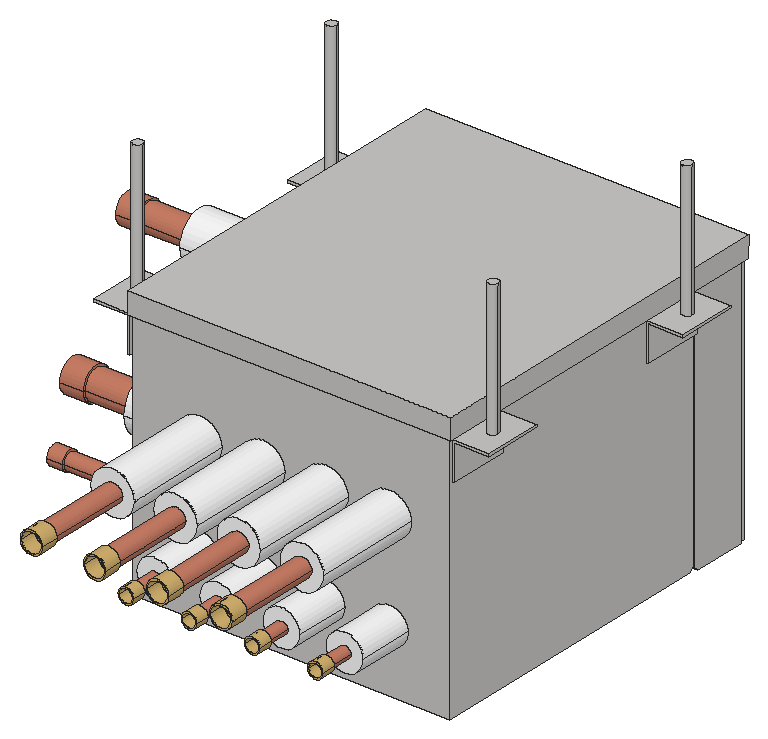
Revit family "Changeover_Box-VRF-Non_ducted-JCI-04_Port", category Mechanical Equipment, Revit 2014 (continued)
Dimensions and locks (in)
  aligned and locked: Extrusion 14 to plane 32 "body left"
  aligned and locked: plane 33 "body right" to Extrusion 14
  aligned and locked: plane 13 "Bottom" to Extrusion 15 sketch curve
  aligned and locked: plane 30 "trim back 1" to Extrusion 15 sketch curve
  aligned and locked: Extrusion 15 sketch curve to plane 31 "body top"
  aligned and locked: Extrusion 15 to plane 6 "lid left"
  aligned and locked: plane 7 "lid right" to Extrusion 15
  aligned and locked: plane 14 "plate top" to plane 31 "body top"
  aligned and locked: plane 56 "lid front" to Extrusion 5 sketch curve
  aligned and locked: plane 53 "front gas x cl" to Extrusion 16 sketch curve
  aligned and locked: plane 55 to Extrusion 16 sketch curve
  aligned and locked: plane 48 "body front" to Extrusion 16
  aligned and locked: Extrusion 16 to plane 57 "gas insulation front"
  aligned and locked: plane 53 "front gas x cl" to Extrusion 17 sketch curve
  aligned and locked: plane 55 to Extrusion 17 sketch curve
  aligned and locked: plane 57 "gas insulation front" to Extrusion 17
  aligned and locked: Extrusion 17 to plane 58 "indoor gas socket back"
  aligned and locked: plane 53 "front gas x cl" to Extrusion 18 sketch curve
  aligned and locked: plane 55 to Extrusion 18 sketch curve
  aligned and locked: Extrusion 18 to plane 5 "Front"
  aligned and locked: plane 58 "indoor gas socket back" to Extrusion 18
  aligned and locked: plane 53 "front gas x cl" to Extrusion 19 sketch curve
  aligned and locked: plane 55 to Extrusion 19 sketch curve
  aligned and locked: Extrusion 19 to plane 61 "gas void front"
  aligned and locked: plane 60 "gas void back" to Extrusion 19
  aligned and locked: plane 52 "front liquid x cl" to Extrusion 20 sketch curve
  aligned and locked: plane 54 to Extrusion 20 sketch curve
  aligned and locked: plane 37 "indoor liquid z cl" to Extrusion 20 sketch curve  (x4)
  aligned and locked: plane 52 "front liquid x cl" to Extrusion 21 sketch curve
  aligned and locked: plane 37 "indoor liquid z cl" to Extrusion 21 sketch curve  (x4)
  aligned and locked: plane 54 to Extrusion 21 sketch curve
  aligned and locked: plane 59 "indoor liquid socket back" to Extrusion 21
  aligned and locked: plane 52 "front liquid x cl" to Extrusion 22 sketch curve
  aligned and locked: plane 37 "indoor liquid z cl" to Extrusion 22 sketch curve  (x4)
  aligned and locked: plane 54 to Extrusion 22 sketch curve
  aligned and locked: plane 62 "liquid void back" to Extrusion 22
  aligned and locked: plane 63 "liquid void front" to Extrusion 22
  aligned and locked: Masking region 11 sketch curve to Masking region 11 sketch curve  (x4)
  aligned and locked: plane 48 "body front" to Masking region 11 sketch curve
  aligned and locked: Masking region 11 to curve 34  (x2)
  aligned and locked: curve 34 to Masking region 11
  aligned and locked: Masking region 11 to curve 35  (x2)
  aligned and locked: curve 35 to Masking region 11
  aligned and locked: plane 56 "lid front" to Masking region 1 sketch curve
  aligned and locked: plane 48 "body front" to Extrusion 10 sketch curve
  aligned and locked: plane 32 "body left" to Extrusion 10 sketch curve
  aligned and locked: Extrusion 10 sketch curve to plane 33 "body right"
  aligned and locked: Masking region 12 sketch curve to plane 4 "Back"
  aligned and locked: Masking region 12 sketch curve to plane 12 "Top"
  aligned and locked: plane 48 "body front" to Masking region 12 sketch curve
  aligned and locked: plane 13 "Bottom" to Masking region 12 sketch curve
  aligned and locked: curve 37 to Extrusion 16
  aligned and locked: curve 39 to Extrusion 16
  aligned and locked: curve 40 to cut or joined group of Extrusion 21, Extrusion 22
  aligned and locked: curve 41 to cut or joined group of Extrusion 18, Extrusion 19
  aligned and locked: curve 42 to cut or joined group of Extrusion 21, Extrusion 22
  aligned and locked: curve 43 to cut or joined group of Extrusion 18, Extrusion 19
  aligned and locked: Masking region 13 sketch curve to Masking region 10  (x4)
  aligned and locked: curve 44 to plane 31 "body top"
  aligned and locked: Masking region 2 to curve 44  (x2)
  aligned and locked: plane 31 "body top" to Masking region 14 sketch curve  (x2)
  aligned and locked: plane 47 "body back" to Masking region 14 sketch curve
  aligned and locked: Masking region 14 sketch curve to plane 4 "Back"
  aligned and locked: Masking region 14 sketch curve to plane 19
  aligned and locked: Masking region 14 sketch curve to plane 13 "Bottom"  (x2)
  aligned and locked: Masking region 14 sketch curve to Extrusion 15
  aligned and locked: Masking region 14 sketch curve to plane 48 "body front"
  aligned and locked: plane 56 "lid front" to Masking region 14 sketch curve
  aligned and locked: plane 48 "body front" to plane 16 "bracket 1 front"
  aligned and locked: Extrusion 23 sketch curve to Extrusion 6  (x12)
  aligned and locked: plane 65 "bracket 2 back" to Extrusion 23
  aligned and locked: Extrusion 23 to plane 64 "bracket 2 front"
  aligned and locked: plane 66 to Extrusion 2 sketch curve  (x2)
  aligned and locked: plane 14 "plate top" to Masking region 4 sketch curve
  aligned and locked: curve 46 to Extrusion 2
  aligned and locked: curve 47 to Extrusion 2
  aligned and locked: plane 29 "Right" to plane 9 "upper bracket right"
  aligned and locked: plane 67 "indoor gas z cl" to Extrusion 16 sketch curve  (x3)
  aligned and locked: plane 52 "front liquid x cl" to Extrusion 16 sketch curve
  aligned and locked: plane 54 to Extrusion 16 sketch curve
  aligned and locked: plane 67 "indoor gas z cl" to Extrusion 17 sketch curve  (x4)
  aligned and locked: plane 52 "front liquid x cl" to Extrusion 17 sketch curve
  aligned and locked: plane 54 to Extrusion 17 sketch curve
  aligned and locked: plane 67 "indoor gas z cl" to Extrusion 18 sketch curve  (x4)
  aligned and locked: plane 52 "front liquid x cl" to Extrusion 18 sketch curve
  aligned and locked: plane 54 to Extrusion 18 sketch curve
  aligned and locked: plane 67 "indoor gas z cl" to Extrusion 19 sketch curve  (x4)
  aligned and locked: plane 52 "front liquid x cl" to Extrusion 19 sketch curve
  aligned and locked: plane 54 to Extrusion 19 sketch curve
  aligned and locked: plane 53 "front gas x cl" to Extrusion 20 sketch curve
  aligned and locked: plane 55 to Extrusion 20 sketch curve
  aligned and locked: plane 55 to Extrusion 21 sketch curve
  aligned and locked: plane 53 "front gas x cl" to Extrusion 21 sketch curve
  aligned and locked: plane 55 to Extrusion 22 sketch curve
  aligned and locked: plane 53 "front gas x cl" to Extrusion 22 sketch curve
  aligned and locked: plane 52 "front liquid x cl" to Extrusion 24 sketch curve
  aligned and locked: plane 37 "indoor liquid z cl" to Extrusion 24 sketch curve  (x4)
  aligned and locked: plane 53 "front gas x cl" to Extrusion 24 sketch curve
  aligned and locked: plane 54 to Extrusion 24 sketch curve
  aligned and locked: plane 55 to Extrusion 24 sketch curve
  aligned and locked: plane 48 "body front" to Extrusion 24
  aligned and locked: plane 69 to Extrusion 24
  aligned and locked: cut or joined group of Extrusion 21, Extrusion 22 to plane 68 "indoor liquid front"
  aligned and locked: Extrusion 20 to plane 69
  aligned and locked: Extrusion 20 to plane 59 "indoor liquid socket back"
  aligned and locked: plane 70 "outside liquid left" to Masking region 7 sketch curve
  aligned and locked: Extrusion 23 to Masking region 15 sketch curve  (x2)
  aligned and locked: Masking region 15 sketch curve to Extrusion 23  (x6)
  aligned and locked: Extrusion 6 to Masking region 15 sketch curve  (x2)
  aligned and locked: Masking region 15 sketch curve to Extrusion 6  (x6)
  aligned and locked: Masking region 8 sketch curve to Revolve 7  (x6)
  aligned and locked: Revolve 7 to Masking region 8 sketch curve
  aligned and locked: plane 45 "outdoor gas insulation left" to Masking region 8 sketch curve  (x2)
  aligned and locked: Masking region 8 to curve 49  (x2)
  aligned and locked: Masking region 8 to curve 48
  aligned and locked: curve 48 to Masking region 8  (x2)
  aligned and locked: curve 49 to Masking region 8
  aligned and locked: Masking region 16 sketch curve to Masking region 16 sketch curve  (x11)
  aligned and locked: plane 5 "Front" to Masking region 16 sketch curve
  aligned and locked: Masking region 16 sketch curve to plane 58 "indoor gas socket back"
  aligned and locked: plane 57 "gas insulation front" to Masking region 16 sketch curve
  aligned and locked: Masking region 16 sketch curve to plane 56 "lid front"
  aligned and locked: Masking region 16 sketch curve to Extrusion 16  (x8)
  aligned and locked: Masking region 16 sketch curve to Extrusion 17  (x8)
  aligned and locked: Masking region 16 sketch curve to cut or joined group of Extrusion 18, Extrusion 19  (x8)
  aligned and locked: Masking region 16 to curve 50  (x2)
  aligned and locked: curve 50 to Masking region 16
  aligned and locked: Masking region 16 to curve 54  (x2)
  aligned and locked: curve 54 to Masking region 16
  aligned and locked: Masking region 16 to curve 55
  aligned and locked: curve 55 to Masking region 16  (x2)
  aligned and locked: Masking region 16 to curve 51  (x2)
  aligned and locked: curve 51 to Masking region 16
  aligned and locked: curve 52 to Masking region 16
  aligned and locked: Masking region 16 to curve 52  (x2)
  aligned and locked: Masking region 16 to curve 56
  aligned and locked: curve 56 to Masking region 16  (x2)
  aligned and locked: Masking region 16 to curve 57
  aligned and locked: curve 57 to Masking region 16  (x2)
  aligned and locked: curve 53 to Masking region 16
  aligned and locked: Masking region 16 to curve 53  (x2)
  aligned and locked: plane 35 "control z cl" to Extrusion 25
  aligned and locked: Extrusion 25 to plane 13 "Bottom"
  aligned and locked: curve 58 to Extrusion 23
  aligned and locked: curve 59 to Extrusion 23
  aligned and locked: curve 60 to Extrusion 23
  aligned and locked: curve 61 to Extrusion 15
  aligned and locked: curve 62 to Extrusion 15
  aligned and locked: Masking region 17 sketch curve to plane 45 "outdoor gas insulation left"  (x3)
  aligned and locked: Masking region 17 sketch curve to Masking region 17 sketch curve  (x4)
  aligned and locked: Masking region 17 sketch curve to plane 28 "Left"  (x2)
  aligned and locked: Masking region 17 to curve 65
  aligned and locked: curve 65 to Masking region 17  (x2)
  aligned and locked: Masking region 17 to curve 66  (x3)
  aligned and locked: curve 63 to Masking region 17  (x2)
  aligned and locked: Masking region 17 to curve 63
  aligned and locked: Masking region 17 to curve 64  (x2)
  aligned and locked: curve 64 to Masking region 17
  aligned and locked: curve 45 to Masking region 14
  aligned and locked: Masking region 14 to curve 45
  aligned and locked: plane 6 "lid left" to Masking region 17 sketch curve
  aligned and locked: Masking region 11 sketch curve to plane 69
  aligned and locked: plane 59 "indoor liquid socket back" to Masking region 11 sketch curve
  aligned and locked: Masking region 11 sketch curve to plane 68 "indoor liquid front"
  aligned and locked: curve 67 to Masking region 11  (x2)
  aligned and locked: Masking region 11 to curve 67
  aligned and locked: Masking region 11 to curve 68  (x2)
  aligned and locked: curve 68 to Masking region 11
  aligned and locked: curve 70 to Extrusion 16
  aligned and locked: curve 69 to Extrusion 19
  aligned and locked: curve 71 to Extrusion 16
  aligned and locked: curve 72 to Extrusion 19
  aligned and locked: curve 74 to Extrusion 24
  aligned and locked: curve 73 to Extrusion 22
  aligned and locked: curve 76 to Extrusion 24
  aligned and locked: curve 75 to Extrusion 22
  aligned and locked: plane 70 "outside liquid left" to Revolve 8 sketch curve
  aligned and locked: Masking region 18 sketch curve to Masking region 18 sketch curve
  aligned and locked: Masking region 18 sketch curve to plane 70 "outside liquid left"
  aligned and locked: Masking region 18 sketch curve to plane 44 "outdoor liquid inuslation left"  (x2)
  aligned and locked: Masking region 18 to curve 77  (x2)
  aligned and locked: Masking region 18 to curve 78  (x2)
  aligned and locked: curve 78 to Masking region 18
  aligned and locked: curve 77 to Masking region 18
  aligned and locked: plane 6 "lid left" to Masking region 18 sketch curve
  aligned and locked: curve 79 to plane 66
Automatic sketch dimensions
  Revolve 8 sketch curve to plane 20 "Cleareance Left" = 2.41904"
  plane 3 "Center (Left/Right)" to Revolve 8 sketch curve = 2.34596"
  Extrusion 14 sketch curve to plane 30 "trim back 1" = 0.000"
  plane 30 "trim back 1" to Extrusion 14 sketch curve = 0.13317"
  level to Extrusion 14 sketch curve = 0.13317"
  plane 9 "upper bracket right" to Revolve 9 sketch curve = 0.56864"
  Revolve 9 sketch curve to plane 20 "Cleareance Left" = 6.33136"
  Extrusion 16 sketch curve to plane 67 "indoor gas z cl" = 0.000"
  plane 30 "trim back 1" to Extrusion 15 sketch curve = 0.13317"
  level to Extrusion 15 sketch curve = 0.13317"
  Masking region 14 sketch curve to plane 30 "trim back 1" = 0.000"
  curve 3 to plane 26 "bracket 1 back" = 0.000"
  plane 18 "bolt bottom" to curve 79 = 0.000"
  curve 79 to plane 17 "Hanging Rods Height" = 0.000"
  curve 23 to plane 14 "plate top" = 0.000"
  curve 21 to plane 14 "plate top" = 0.000"
  curve 36 to curve 40 = 0.000"  (x2)
  curve 38 to curve 42 = 0.000"  (x2)
  Extrusion 6 sketch curve to plane 6 "lid left" = 0.000"
  Revolve 7 sketch curve to plane 33 "body right" = 0.29109"
  Revolve 7 sketch curve to plane 10 "Left Bolt Pitch" = 0.09609"
  curve 58 to plane 65 "bracket 2 back" = 0.000"
  curve 60 to plane 65 "bracket 2 back" = 0.000"
  curve 61 to level = 0.000"
  curve 62 to plane 14 "plate top" = 0.000"
  level to curve 62 = 0.13317"
  Masking region 11 sketch curve to plane 5 "Front" = 0.000"
  Masking region 11 sketch curve to plane 58 "indoor gas socket back" = 0.000"
  Masking region 11 sketch curve to plane 57 "gas insulation front" = 0.000"
  Masking region 11 sketch curve to plane 16 "bracket 1 front" = 0.000"
  Masking region 16 sketch curve to plane 56 "lid front" = 0.000"  (x3)
  Masking region 16 sketch curve to plane 57 "gas insulation front" = 0.000"  (x3)
  Masking region 16 sketch curve to plane 58 "indoor gas socket back" = 0.000"  (x3)
  radius of curve 36 = 0.5875"
  radius of curve 38 = 0.5875"
Connectors (in)
  piping at (-12.9505, 3.9695, 1.625), diameter 1, driven by "Outdoor Discharge Gas Radius"
    settings: on Extrusion 11, index 5, connector inside diameter 24", connector length 0.000", flow factor 0, pipe flow 0 GPM, pressure drop 0.00 psi, fitting loss kfactor 0, connector angle 0.00°, fixture units 0, engagement length 0.000", angle of deflection 0.00°, flow configuration 0, flow direction 0, fitting loss method 0, system type 22, joint type 0, gender type 0, connector reference index -1, connector utility 0, adjustable connector no, is connector primary yes, connector description "Outdoor Discharge Gas"
  piping at (-9.838, -1.156, 2.375), diameter 0.5, driven by "Outdoor Liquid Radius"
    settings: on Extrusion 12, index 6, connector inside diameter 24", connector length 0.000", flow factor 0, pipe flow 0 GPM, pressure drop 0.00 psi, fitting loss kfactor 0, connector angle 0.00°, fixture units 0, engagement length 0.000", angle of deflection 0.00°, flow configuration 0, flow direction 0, fitting loss method 0, system type 22, joint type 0, gender type 0, connector reference index -1, connector utility 0, adjustable connector no, is connector primary no, connector description "Outdoor Liquid"
  piping at (-13.02237, 6.5315, 6.125), diameter 0.875, driven by "Outdoor Suction Gas Radius"
    settings: on Extrusion 13, index 7, connector inside diameter 24", connector length 0.000", flow factor 0, pipe flow 0 GPM, pressure drop 0.00 psi, fitting loss kfactor 0, connector angle 0.00°, fixture units 0, engagement length 0.000", angle of deflection 0.00°, flow configuration 0, flow direction 0, fitting loss method 0, system type 22, joint type 0, gender type 0, connector reference index -1, connector utility 0, adjustable connector no, is connector primary no, connector description "Outdoor Suction Gas"
  piping at (3.6875, -10.29713, 6.125), diameter 0.625, driven by "Indoor Gas Radius"
    settings: on Extrusion 19, index 9, connector inside diameter 24", connector length 0.000", flow factor 0, pipe flow 0 GPM, pressure drop 0.00 psi, fitting loss kfactor 0, connector angle 0.00°, fixture units 0, engagement length 0.000", angle of deflection 0.00°, flow configuration 0, flow direction 0, fitting loss method 0, system type 22, joint type 0, gender type 0, connector reference index -1, connector utility 0, adjustable connector no, is connector primary no, connector description "Indoor Gas 4"
  piping at (1.3125, -6.00288, 2.375), diameter 0.375, driven by "Indoor Liquid Radius"
    settings: on Extrusion 22, index 13, connector inside diameter 24", connector length 0.000", flow factor 0, pipe flow 0 GPM, pressure drop 0.00 psi, fitting loss kfactor 0, connector angle 0.00°, fixture units 0, engagement length 0.000", angle of deflection 0.00°, flow configuration 0, flow direction 0, fitting loss method 0, system type 22, joint type 0, gender type 0, connector reference index -1, connector utility 0, adjustable connector no, is connector primary no, connector description "Indoor Liquid 3"
  piping at (-1.0625, -6.00288, 2.375), diameter 0.375, driven by "Indoor Liquid Radius"
    settings: on Extrusion 22, index 16, connector inside diameter 24", connector length 0.000", flow factor 0, pipe flow 0 GPM, pressure drop 0.00 psi, fitting loss kfactor 0, connector angle 0.00°, fixture units 0, engagement length 0.000", angle of deflection 0.00°, flow configuration 0, flow direction 0, fitting loss method 0, system type 22, joint type 0, gender type 0, connector reference index -1, connector utility 0, adjustable connector no, is connector primary no, connector description "Indoor Liquid 2"
  piping at (3.6875, -6.00288, 2.375), diameter 0.375, driven by "Indoor Liquid Radius"
    settings: on Extrusion 22, index 17, connector inside diameter 24", connector length 0.000", flow factor 0, pipe flow 0 GPM, pressure drop 0.00 psi, fitting loss kfactor 0, connector angle 0.00°, fixture units 0, engagement length 0.000", angle of deflection 0.00°, flow configuration 0, flow direction 0, fitting loss method 0, system type 22, joint type 0, gender type 0, connector reference index -1, connector utility 0, adjustable connector no, is connector primary no, connector description "Indoor Liquid 4"
  piping at (-3.4375, -6.00288, 2.375), diameter 0.375, driven by "Indoor Liquid Radius"
    settings: on Extrusion 22, index 24, connector inside diameter 24", connector length 0.000", flow factor 0, pipe flow 0 GPM, pressure drop 0.00 psi, fitting loss kfactor 0, connector angle 0.00°, fixture units 0, engagement length 0.000", angle of deflection 0.00°, flow configuration 0, flow direction 0, fitting loss method 0, system type 22, joint type 0, gender type 0, connector reference index -1, connector utility 0, adjustable connector no, is connector primary no, connector description "Indoor Liquid 1"
  piping at (-3.4375, -10.29713, 6.125), diameter 0.625, driven by "Indoor Gas Radius"
    settings: on Extrusion 19, index 25, connector inside diameter 24", connector length 0.000", flow factor 0, pipe flow 0 GPM, pressure drop 0.00 psi, fitting loss kfactor 0, connector angle 0.00°, fixture units 0, engagement length 0.000", angle of deflection 0.00°, flow configuration 0, flow direction 0, fitting loss method 0, system type 22, joint type 0, gender type 0, connector reference index -1, connector utility 0, adjustable connector no, is connector primary no, connector description "Indoor Gas 1"
  piping at (1.3125, -10.29713, 6.125), diameter 0.625, driven by "Indoor Gas Radius"
    settings: on Extrusion 19, index 26, connector inside diameter 24", connector length 0.000", flow factor 0, pipe flow 0 GPM, pressure drop 0.00 psi, fitting loss kfactor 0, connector angle 0.00°, fixture units 0, engagement length 0.000", angle of deflection 0.00°, flow configuration 0, flow direction 0, fitting loss method 0, system type 22, joint type 0, gender type 0, connector reference index -1, connector utility 0, adjustable connector no, is connector primary no, connector description "Indoor Gas 3"
  piping at (-1.0625, -10.29713, 6.125), diameter 0.625, driven by "Indoor Gas Radius"
    settings: on Extrusion 19, index 32, connector inside diameter 24", connector length 0.000", flow factor 0, pipe flow 0 GPM, pressure drop 0.00 psi, fitting loss kfactor 0, connector angle 0.00°, fixture units 0, engagement length 0.000", angle of deflection 0.00°, flow configuration 0, flow direction 0, fitting loss method 0, system type 22, joint type 0, gender type 0, connector reference index -1, connector utility 0, adjustable connector no, is connector primary no, connector description "Indoor Gas 2"
  electrical at (-4.5875, 9.969, 0), driven by "Number of Poles", driven by "Load Classification", driven by "Voltage", driven by "Apparent Load", driven by "Power Factor"
    settings: on Extrusion 25, index 33, voltage 208 V, apparent load 52 VA, apparent load phase1 0 VA, apparent load phase2 0 VA, apparent load phase3 0 VA, power factor 0.8, load classification "HVAC", number of poles 2, system type 30, power factor state 1, is connector primary yes, connector utility no, sub classification motor no, connector description "Power"
  electrical at (2.35, 9.594, 0)
    settings: on Extrusion 25, index 35, voltage 0 V, apparent load 0 VA, apparent load phase1 0 VA, apparent load phase2 0 VA, apparent load phase3 0 VA, power factor 1, load classification "Other", number of poles 1, system type 14, power factor state 1, is connector primary no, connector utility no, sub classification motor no, connector description "Communication 1"
  cabletrayconduit at (-4.5875, 9.969, 0), diameter 0.876
    settings: on Extrusion 25, index 37, connector width 12.000", connector height 12.000", connector angle 0.00°, system type 32, placement type 0, profile type 0, connector reference index -1, is primary connector yes, connector utility param no, connector description "Power Conduit"
  cabletrayconduit at (2.35, 9.594, 0), diameter 1
    settings: on Extrusion 25, index 38, connector width 12.000", connector height 12.000", connector angle 0.00°, system type 32, placement type 0, profile type 0, connector reference index -1, is primary connector no, connector utility param no, connector description "Communication 1 Conduit"
Types (3): name | Voltage | Type Comments | Apparent Load
  (no name) | 208 V | "COB04M132B22S - 208v" | 52 VA
  208v | 208 V | "COB04M132B22S - 208v" | 52 VA
  230v | 230 V | "COB04M132B22S - 230v" | 57.5 VA
